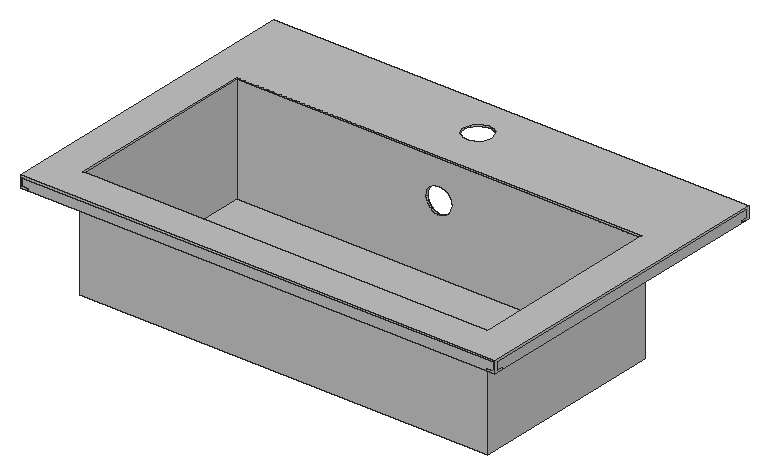
Revit family "911706010001(architecture=300)", category Plumbing Fixtures, Revit 2019
Family settings
  OmniClass Number = 23.31.13.11
  Work Plane-Based = No
  Always vertical = Yes
  Cut with Voids When Loaded = No
  Shared = Yes
  Room Calculation Point = No
Parameters (values of type "911706010001(architecture=300)")
  ifc40_IFC4_IFCFURNISHINGELEMENT = "IFC4_IFCFURNISHINGELEMENT"
  etim7_EC011550_WERKSTOFF = "enamelled steel (EV000166)"
  etim7_EC011550_TIEFE = "400"
  etim7_EC011550_HÖHE = "149"
  etim7_EC011550_FORM = "round Bowl (EV000167)"
  etim7_EC011550_FARBE = "alpine white (EV000202)"
  etim7_EC011550_BREITE/DURCHMESSER = "600"
  etim7_EC011550 = "EC011550"
  SUPPLIER = "KALDEWEI"
  S = "EC011550"
  R = "RVT_METRICPLUMBINGFIXTURE"
  Q = "23-31-13-11"
  P = "Wash Basin Systems"
  O = "SS-35-65-70-94"
  NT = "Object R built-in washbasin 3196"
  NN = "911706010001"
  NBSYN = "$A.($LODDEST.=$LODLEVEL.)"
  NB = "911706010001(architecture=300)"
  N = "IfcSanitaryTerminalType"
  Model = "911706010001(architecture=300)"
  Manufacturer = "Kaldewei"
  MIdent = "{$CADENAS_DATA/23d-libs/kaldewei_internal/neue_waschtische/3196.prj},222 {VTYP=3D},{NB=911706010001(architecture=300)},{LINA=911706010001(architecture=300)},{NN=911706010001},{DATE=13.12.2023 10:17:05},{GEOMDATE=13.12.2023 06:31:00},{VERSION=},{LINEID=10},{WBVAR=LODDEST,LODLEVEL},{WBNUMERIC=}  {NB=911706010001(architecture=300)},{LINA=911706010001(architecture=300)},{KT=DUMMY},{LODDEST=architecture},{LODLEVEL=300},{LODLEVELX='300','300','200','200'},{A=911706010001},{B=3196.png},{C=Object R built-in washbasin 3196},{D=7.2},{E=KALDEWEI},{F=4063728695169},{H=WEB info},{I=PDF info},{J=all countrys},{K=ISO 14025, EN 15804},{L=30},{M=Furnishing Element},{N=IfcSanitaryTerminalType},{O=SS-35-65-70-94},{P=Wash Basin Systems},{Q=23-31-13-11},{R=RVT_METRICPLUMBINGFIXTURE},{S=EC011550},{EF002169=enamelled steel (EV000166)},{EF000139=Enamelled (EV002029)},{EF000051=round Bowl (EV000167)},{EF000007=alpine white (EV000202)},{EF000003=post top (EV003651)},{EF000049=400},{EF004567=600},{EF000040=149},{NORM=CE certificate},{WEB=NO WEB},{PDF=leistungserkla__rungbw-dw-wt-0216.pdf}"
  M = "Furnishing Element"
  LODLEVEL = "300"
  LINA = "911706010001(architecture=300)"
  F = "4063728695169"
  EF004567 = 600 mm
  EF002169 = "enamelled steel (EV000166)"
  EF000139 = "Enamelled (EV002029)"
  EF000051 = "round Bowl (EV000167)"
  EF000049 = 400 mm
  EF000040 = 149 mm
  EF000007 = "alpine white (EV000202)"
  EF000003 = "post top (EV003651)"
  E = "KALDEWEI"
  Description = "Object R built-in washbasin 3196"
  D = 7.20 kg
  CREATOR = "CADENAS GmbH"
  CATALOG = "Kaldewei"
  C = "Object R built-in washbasin 3196"
  BOMINFO = "LINA"
  B = "3196.png"
  ARTICLENO = "NB"
  A = "911706010001"
Reference planes
  plane 1 "Center (Front/Back)": y = 0
  plane 2: z = 0
  plane 3 "Center (Left/Right)": x = 0
Forms (mm)
  Extrusion 1, void
    sketch origin (0, 0, 0) x (0, -1, 0) y (-1, 0, 0)
      loop
        line (-0.5, 0.5) -> (-0.5, -0.5) -> (0.5, -0.5) -> (0.5, 0.5) -> (-0.5, 0.5)
    from 0 to 1
Dimensions and locks
  locked: Extrusion 1 to plane 2 at 1
  locked: plane 2 to Extrusion 1
  aligned and locked: level to plane 2
Nested families
  nested 1: "911706010001(architecture=300)_content" at (0, 0, 0), type "911706010001(architecture=300)_Content"
Connectors
  piping at (0, 0, 0), diameter 46
    settings: on Extrusion 1, index 1, connector inside diameter 609.6 mm, connector length 0 mm, flow factor 0, pipe flow 0.0 L/s, pressure drop 0.0 Pa, fitting loss kfactor 0, connector angle 0.00°, fixture units 0, engagement length 0 mm, angle of deflection 0.00°, flow configuration 0, flow direction 2, fitting loss method 2, system type 29, joint type 0, gender type 0, connector reference index -1, connector utility 0, adjustable connector no, is connector primary yes, connector description ""
Definition of nested family "911706010001(architecture=300)_content"
  Parameters (values of type "911706010001(architecture=300)_Content")
    ifc40_IFC4_IFCFURNISHINGELEMENT = "IFC4_IFCFURNISHINGELEMENT"
    etim7_EC011550_WERKSTOFF = "enamelled steel (EV000166)"
    etim7_EC011550_TIEFE = "400"
    etim7_EC011550_HÖHE = "149"
    etim7_EC011550_FORM = "round Bowl (EV000167)"
    etim7_EC011550_FARBE = "alpine white (EV000202)"
    etim7_EC011550_BREITE/DURCHMESSER = "600"
    etim7_EC011550 = "EC011550"
    SUPPLIER = "KALDEWEI"
    S = "EC011550"
    R = "RVT_METRICPLUMBINGFIXTURE"
    Q = "23-31-13-11"
    P = "Wash Basin Systems"
    O = "SS-35-65-70-94"
    NT = "Object R built-in washbasin 3196"
    NN = "911706010001"
    NBSYN = "$A.($LODDEST.=$LODLEVEL.)"
    NB = "911706010001(architecture=300)"
    N = "IfcSanitaryTerminalType"
    Model = "911706010001(architecture=300)"
    Manufacturer = "Kaldewei"
    M = "Furnishing Element"
    LODLEVEL = "300"
    LINA = "911706010001(architecture=300)"
    F = "4063728695169"
    EF004567 = 600 mm
    EF002169 = "enamelled steel (EV000166)"
    EF000139 = "Enamelled (EV002029)"
    EF000051 = "round Bowl (EV000167)"
    EF000049 = 400 mm
    EF000040 = 149 mm
    EF000007 = "alpine white (EV000202)"
    EF000003 = "post top (EV003651)"
    E = "KALDEWEI"
    Description = "Object R built-in washbasin 3196"
    Default Elevation = 1219.2 mm
    D = 7.20 kg
    CREATOR = "CADENAS GmbH"
    CATALOG = "Kaldewei"
    C = "Object R built-in washbasin 3196"
    BOMINFO = "LINA"
    B = "3196.png"
    ARTICLENO = "NB"
    A = "911706010001"
  Reference planes
    plane 1 "Center (Front/Back)": y = 0
    plane 2: z = 0
    plane 3 "Center (Left/Right)": x = 0
  Forms (mm)
    Extrusion 1, solid, detail levels medium+fine
      sketch origin (0, -185, 0) x (1, 0, 0) y (0, 0, -1)
        loop
          line (-300, -136.955) -> (-300, -150.955) -> (300, -150.955) -> (300, -136.955) -> (290, -136.955) -> (290, -138.955) -> (298, -138.955) -> (298, -148.955) -> (-298, -148.955) -> (-298, -138.955) -> (-290, -138.955) -> (-290, -136.955) -> (-300, -136.955)
      from 0 to 400
    Extrusion 2, solid, detail levels medium+fine
      sketch origin (0, 0, 0) x (0, 0, -1) y (0, 1, 0)
        loop
          line (-150.955, -185) -> (-136.955, -185) -> (-136.955, -175) -> (-138.955, -175) -> (-138.955, -183) -> (-148.955, -183) -> (-148.955, 213) -> (-138.955, 213) -> (-138.955, 205) -> (-136.955, 205) -> (-136.955, 215) -> (-150.955, 215) -> (-150.955, -185)
      from -300 to 300
    Extrusion 3, solid, detail levels medium+fine
      sketch origin (0, 0, 0) x (0, 0, -1) y (0, 1, 0)
        loop
          line (-148.955, -143.275) -> (-11.689, -143.275) -> (-11.689, 103.865) -> (-148.955, 103.865) -> (-148.955, -143.275)
      from -257.591 to 257.591
    Revolve 4, solid, detail levels medium+fine
      sketch origin (0, 0, 0) x (0, 0, -1) y (0, 1, 0)
        loop
          line (-64.7, 0) -> (0, 0) -> (0, 26.5) -> (-23.251, 47.004) -> (-64.7, 0)
        axis (0, 0) -> (-64.7, 0)
      angle from -360 to 0
    Revolve 5, void, detail levels medium+fine
      sketch origin (0, 0, 0) x (0, 0, -1) y (0, 1, 0)
        loop
          line (-24.574, 0) -> (0, 0) -> (0, 23) -> (-2, 23) -> (-2, 25.597) -> (-24.574, 45.503) -> (-24.574, 0)
        axis (0, 0) -> (-24.574, 0)
      angle from -360 to 0
    Extrusion 6, void, detail levels medium+fine
      sketch origin (0, 0, 0) x (1, 0, 0) y (0, 1, 0)
        loop
          circle (0, 163) r 17.5
      from 0 to 160
    Extrusion 7, void, detail levels medium+fine
      sketch origin (0, 0, 0) x (1, 0, 0) y (0, 0, -1)
        loop
          circle (0, -101.344) r 16.5
      from 0 to 160
    Extrusion 8, void, detail levels medium+fine
      sketch origin (0, 0, 150.955) x (1, 0, 0) y (0, 1, 0)
        loop
          line (-255.591, -141.275) -> (255.591, -141.275) -> (255.591, 101.865) -> (-255.591, 101.865) -> (-255.591, -141.275)
      from -137.266 to 0
    Extrusion 9, solid, detail levels coarse
      sketch origin (0, 15, 0) x (1, 0, 0) y (0, 1, 0)
        loop
          line (-300, -200) -> (300, -200) -> (300, 200) -> (-300, 200) -> (-300, -200)
      from 0 to 150.955
  Cuts and joins
    Revolve 5, Extrusion 6, Extrusion 7, Extrusion 8 cuts Extrusion 1
    Revolve 5, Extrusion 6, Extrusion 7, Extrusion 8 cuts Extrusion 2
    Revolve 5, Extrusion 6, Extrusion 7, Extrusion 8 cuts Extrusion 3
    Revolve 5, Extrusion 6, Extrusion 7, Extrusion 8 cuts Revolve 4
  Dimensions and locks
    aligned and locked: level to plane 2
